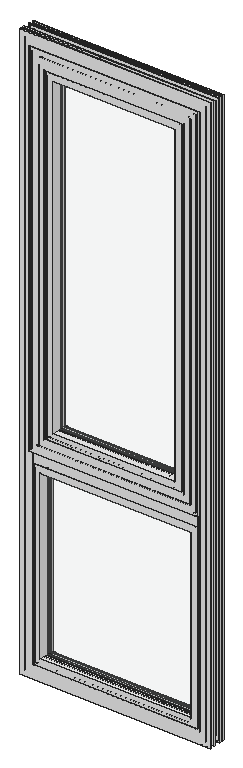
Revit family "Serene_T&T_Window_D_Standard", category Windows, host Wall, Revit 2014
Parameters (values of type "52TT-0618S-2000Pa")
  Windload Design = if(Custom Windload < 1001 mm, 1000 mm, if(Custom Windload < 1501 mm, 1500 mm, 2000 mm))  # 2000 mm
  Width Sash [instance] = 522 mm
  Width = if(Custom Window Width > Limit Window Width Max, Limit Window Width Max, if(Custom Window Width < Limit Window Width Min, Limit Window Width Min, Custom Window Width))  # 590 mm
  Wall Thickness [instance] = 200 mm
  URL = "http://www.crealco.co.za/crealco-products.php"
  Thermal Resistance (R) [instance] = if(IGDB or SAGDB Number = 1000015, 1.0000 (m²·K)/W / Clearvue U Value, if(IGDB or SAGDB Number = 9922, 1.0000 (m²·K)/W / Energy Advantage U Value, if(IGDB or SAGDB Number = 100100, 1.0000 (m²·K)/W / Intruderprufe U Value, if(IGDB or SAGDB Number = 103200, 1.0000 (m²·K)/W / Intruderprufe LowE U Value, if(IGDB or SAGDB Number = 105001, 1.0000 (m²·K)/W / Clearvue Insulated U Value, if(IGDB or SAGDB Number = 105002, 1.0000 (m²·K)/W / Clearvue Insulated LowE U Value, 1.0000 (m²·K)/W / 7.9)))))) * 1  # 0.126582 (m²·K)/W
  Solar Heat Gain Coefficient [instance] = if(IGDB or SAGDB Number = 1000015, Clearvue SHGC Value, if(IGDB or SAGDB Number = 9922, Energy Advantage SHGC Value, if(IGDB or SAGDB Number = 100100, Intruderprufe SHGC Value, if(IGDB or SAGDB Number = 103200, Intruderprufe LowE SHGC Value, if(IGDB or SAGDB Number = 105001, Clearvue Insulated SHGC Value, if(IGDB or SAGDB Number = 105002, Clearvue Insulated LowE SHGC Value, 0))))))  # 0
  Sash Width = Width - (2 * Sash Edge Gap)  # 522 mm
  Sash Frame Gasket = 3.4 mm  # constant formula
  Sash Edge Gap = 34 mm  # constant formula
  Overall Width [instance] = 590 mm
  Overall Height [instance] = 1790 mm
  Max System DG Unit Thickness = 20 mm  # constant formula
  Max System DG One Piece Thickness = rounddown((Max System DG Unit Thickness - 12 mm) / 2 mm) * 1 mm  # 4 mm
  Max Pane Area = if(Area Glazing Sash > Area Glazing Fixed Panel, Area Glazing Sash, Area Glazing Fixed Panel)  # 0.430707 m²
  Limit Fixed Panel Height Min = 200 mm  # constant formula
  Limit Fixed Panel Height Max = 1800 mm  # constant formula
  Length Transom = Width - (2 * 40 mm)  # 510 mm
  Intruderprufe U Value = 6.22
  Intruderprufe SHGC Value = 0.477
  Intruderprufe LowE U Value = 4.62
  Intruderprufe LowE SHGC Value = 0.423
  IGDB or SAGDB Number [instance] = 0
  Height Sash [instance] = 1122 mm
  Height = if(Custom Window Height > Limit Window Height Max, Limit Window Height Max, if(Custom Window Height < Limit Window Height Min, Limit Window Height Min, Custom Window Height))  # 1790 mm
  Heat Transfer Coefficient (U) [instance] = if(IGDB or SAGDB Number = 1000015, Clearvue U Value, if(IGDB or SAGDB Number = 9922, Energy Advantage U Value, if(IGDB or SAGDB Number = 100100, Intruderprufe U Value, if(IGDB or SAGDB Number = 103200, Intruderprufe LowE U Value, if(IGDB or SAGDB Number = 105001, Clearvue Insulated U Value, if(IGDB or SAGDB Number = 105002, Clearvue Insulated LowE U Value, 7.9)))))) * 1.0000 W/(m²·K)  # 7.9000 W/(m²·K)
  Glazing Material [instance] = if(IGDB or SAGDB Number = 1000015, "PFG CLEARVUE 4mm", if(IGDB or SAGDB Number = 9922, "PFG ENERGY ADVANTAGE 4mm LOW-E", if(IGDB or SAGDB Number = 100100, "PFG INTRUDERPRUFE 6.38mm", if(IGDB or SAGDB Number = 103200, "PFG INTRUDERPRUFE LOW-E 7.38mm", if(IGDB or SAGDB Number = 105001, "PFG 20mm CLEARVUE INSULATED GLASS", if(IGDB or SAGDB Number = 105002, "PFG 20mm CLEARVUE INSULATED GLASS LOW-E", "Unknown"))))))  # "Unknown"
  Glazing Code [instance] = if(IGDB or SAGDB Number = 1000015, "CF4", if(IGDB or SAGDB Number = 9922, "CF4E", if(IGDB or SAGDB Number = 100100, "LAM01", if(IGDB or SAGDB Number = 103200, "LAM01E", if(IGDB or SAGDB Number = 105001, "IGU20", if(IGDB or SAGDB Number = 105002, "IGU20E", "Unknown"))))))  # "Unknown"
  Frame Thickness = 52 mm  # constant formula
  Frame Offset From Exterior [instance] = if(Centered In Wall, (Wall Thickness - Frame Thickness) / 2, Custom Window Exterior Offset)  # 74 mm
  Fixed Panel Width = Width - (2 mm * 40)  # 510 mm
  Fixed Panel Height = Height - Sash Height - Sash Edge Gap - 33.6 mm - 40 mm  # 560.4 mm
  Energy Advantage U Value = 5.44
  Energy Advantage SHGC Value = 0.463
  DG Thickness Calc = if(not(Max Pane Area > 1.125 m²), 4 mm, if(not(Max Pane Area > 2.25 m²), 4 mm, if(not(Max Pane Area > 3.15 m²), 5 mm, if(not(Max Pane Area > 4.35 m²), 6 mm, if(not(Max Pane Area > 6.45 m²), 8 mm, 10 mm)))))  # 4 mm
  DG Thickness [instance] = if(IGDB or SAGDB Number = 105001, 4 mm, if(IGDB or SAGDB Number = 105002, 4 mm, if(DG Thickness Calc > Max System DG One Piece Thickness, Max System DG One Piece Thickness, DG Thickness Calc)))  # 4 mm
  DG Gasket Thickness = 12 mm  # constant formula
  Custom Window Width = 590 mm
  Custom Window Height = 1790 mm
  Custom Window Exterior Offset = 0 mm
  Custom Windload = 2000 mm
  Custom Sash Height = 1122 mm
  Sash Height = if(Custom Sash Height < Limit Sash Height Min, Limit Sash Height Min, if(Custom Sash Height > Limit Sash Height Max, Limit Sash Height Max, Custom Sash Height))  # 1122 mm
  Single Glazing [instance] = not(Double Glazing)  # yes
  SG Thickness [instance] = if(IGDB or SAGDB Number = 1000015, 4 mm, if(IGDB or SAGDB Number = 9922, 4 mm, if(IGDB or SAGDB Number = 100100, 6 mm, if(IGDB or SAGDB Number = 103200, 7 mm, if(not(Max Pane Area > 0.75 m²), 4 mm, if(not(Max Pane Area > 1.50 m²), 4 mm, if(not(Max Pane Area > 2.10 m²), 5 mm, if(not(Max Pane Area > 2.90 m²), 6.4 mm, if(not(Max Pane Area > 4.30 m²), 8 mm, 10 mm)))))))))  # 4 mm
  Model = "Serene"  # constant formula
  Manufacturer = "Crealco"  # constant formula
  Limit Window Width Min = Limit Sash Width Min + (2 * Sash Edge Gap)  # 368 mm
  Limit Window Width Max = Limit Sash Width Max + (2 * Sash Edge Gap)  # 768 mm
  Limit Window Height Min = Sash Edge Gap + Sash Height + 33.6 mm + Limit Fixed Panel Height Min + 40 mm  # 1429.6 mm
  Limit Window Height Max = Sash Edge Gap + Sash Height + 33.6 mm + Limit Fixed Panel Height Max + 40 mm  # 3029.6 mm
  Limit Sash Width Min = 300 mm  # constant formula
  Limit Sash Width Max = 700 mm  # constant formula
  Limit Sash Height Min = 300 mm  # constant formula
  Limit Sash Height Max = 1500 mm  # constant formula
  Glazing Finish [instance] = Glass
  Double Glazing [instance] = no
  Description = "Tilt and turn window, Type D"  # constant formula
  Default Sill Height = 800 mm
  Wall Closure = By host
  DG Gasket Finish = Double Glazing Gasket Material
  Clearvue U Value = 6.33
  Clearvue SHGC Value = 0.515
  Clearvue Insulated U Value = 4.46
  Clearvue Insulated SHGC Value = 0.458
  Clearvue Insulated LowE U Value = 4.04
  Clearvue Insulated LowE SHGC Value = 0.418
  Centered In Wall [instance] = yes
  Area Glazing Sash = (Sash Width - (2 mm * 50.2)) * (Sash Height - (2 mm * 50.2))  # 0.430707 m²
  Area Glazing Fixed Panel = (Fixed Panel Width - 10 mm) * (Fixed Panel Height - 10 mm)  # 0.2752 m²
  Aluminium Finish [instance] = White Powder Coated Aluminium
  All Available Glazing Numbers [instance] = "The rows below list the available glazing materials for this window:"  # constant formula
  9922 [instance] = "CF4E"  # constant formula
  105002 [instance] = "IGU20E"  # constant formula
  105001 [instance] = "IGU20"  # constant formula
  103200 [instance] = "LAM01E"  # constant formula
  100100 [instance] = "LAM01"  # constant formula
  1000015 [instance] = "CF4"  # constant formula
Reference planes
  plane 1 "Center (Front/Back)": y = 0
  plane 2 "Center (Left/Right)": x = 0
  plane 3 "Left": x = -295
  plane 4 "Right": x = 295
  plane 5 "Sill": z = 800
  plane 6 "Head": z = 2590
  plane 7 "Exterior": y = 100
  plane 8 "Interior": y = -100
  plane 9: y = 0
Lines and regions (mm)
  Opening 1
    outline origin (3500, -100, 0) x (1, 0, 0) y (0, 0, 1)
      loop
        line (-3205, 800) -> (-3205, 2590) -> (-3795, 2590) -> (-3795, 800) -> (-3205, 800)
Text (mm)
  text "EXTERIOR" at (-1963.203, 1332.353, 0), in view "Ref. Level"
  text "INTERIOR" at (-1981.466, -818.386, 0), in view "Ref. Level"
  text "Exterior" at (0, 923.751, 2943.296), in view "Right"
  text "Exterior" at (0, 1040.484, 2685.409), in view "Left"
Dimensions and locks
  equal spacing: plane 3 "Left", plane 2 "Center (Left/Right)", plane 4 "Right"
  "Width": plane 3 "Left" to plane 4 "Right"
  "Height": plane 5 "Sill" to plane 6 "Head"
  "Default Sill Height": plane 5 "Sill" to level
  locked: plane 7 "Exterior" to host wall at 0
  locked: plane 8 "Interior" to host wall
  "Overall Width": plane 3 "Left" to plane 4 "Right"
  "Overall Height": plane 5 "Sill" to plane 6 "Head"
  "Wall Thickness": host wall to host wall
  "Frame Offset From Exterior": host wall to nested 1
  "Sash Edge Gap": plane 3 "Left" to nested 2
  "Sash Edge Gap": plane 6 "Head" to nested 2
  "Sash Frame Gasket": nested 2 to nested 1
  "Width Sash": nested 2 to nested 2
  "Height Sash": nested 2 to nested 2
  aligned and locked: plane 9 to host wall
  aligned and locked: nested 1 to plane 6 "Head"
  aligned and locked: nested 1 to plane 4 "Right"
  aligned and locked: nested 1 to nested 3
  aligned and locked: nested 3 to nested 1
  aligned and locked: nested 1 to nested 4
  aligned and locked: nested 4 to nested 1
  aligned and locked: nested 4 to nested 3
  aligned and locked: nested 2 to nested 3
Automatic sketch dimensions
  Opening 1 sketch curve to plane 3 "Left" = 0 mm
  Opening 1 sketch curve to plane 4 "Right" = 0 mm
  Opening 1 sketch curve to plane 5 "Sill" = 0 mm
  Opening 1 sketch curve to plane 6 "Head" = 0 mm
Nested families
  nested 1: "Serene_Frame_Rounded_Ext_52mm_D_Std" at (-295, -26, 800), Profile Material <- "Aluminium Finish", Frame Width <- "Width", Frame Height <- "Height", type "Serene_Frame_Rounded_Ext_52mm_D_Std"
    with Profile Material White Powder Coated Aluminium, Frame Width 590 mm, Frame Height 1790 mm
  nested 2: "Serene_Sash_Open_In_72mm_D_Std" at (261, -32.8, 1434) x (-1, 0, 0) z (0, 0, 1), Profile Material <- "Aluminium Finish", Glazing Material <- "Glazing Finish", Double Glazing Gasket Material <- "DG Gasket Finish", Height Sash <- "Sash Height", Width Sash <- "Sash Width", Double Glazing <- "Double Glazing", Single Glazing <- "Single Glazing", SG Glazing Thickness <- "SG Thickness", DG Glazing Thickness <- "DG Thickness", DG Gasket Thickness <- "DG Gasket Thickness", type "Serene_Sash_Open_In_72mm_D_Std"
    with Width Sash 522 mm, Width Bead 422 mm, Tilt yes, Single Glazing yes, SG Offset 32.25 mm, SG Glazing Thickness 4 mm, Right Hinged yes, Profile Material White Powder Coated Aluminium, Left Hinged no, Height Sash 1122 mm, Height Bead 1022 mm, Glazing Width 421.6 mm, Glazing Material Glass, Glazing Height 1021.6 mm, Double Glazing Gasket Material Double Glazing Gasket Material, Double Glazing no, DG Offset 18.75 mm, DG Glazing Thickness 4 mm, DG Gasket Thickness 12 mm
  nested 3: "Serene_Transom_44mm_Flat_D_Std" at (-255, -40.48, 1087.299), Profile Material <- "Aluminium Finish", Length Transom <- "Length Transom", type "Serene_Transom_44mm_Flat_D_Std"
    with Profile Material White Powder Coated Aluminium, Length Transom 510 mm
  nested 4: "Serene_Fixed_Panel_D_Std" at (-255, -26, 839.999), Profile Material <- "Aluminium Finish", Glazing Material <- "Glazing Finish", Double Glazing Gasket Material <- "DG Gasket Finish", SG Thickness <- "SG Thickness", Fixed Panel Width <- "Fixed Panel Width", Fixed Panel Height <- "Fixed Panel Height", DG Thickness <- "DG Thickness", DG Gasket Thickness <- "DG Gasket Thickness", Single Glazing <- "Single Glazing", Double Glazing <- "Double Glazing", type "Serene_Fixed_Panel_D_Std"
    with Single Glazing yes, SG Thickness 4 mm, SG Space Available 13 mm, SG Offset 4.5 mm, Profile Material White Powder Coated Aluminium, Glazing Width 500 mm, Glazing Material Glass, Glazing Height 550.4 mm, Fixed Panel Width 510 mm, Fixed Panel Height 560.4 mm, Double Glazing Gasket Material Double Glazing Gasket Material, Double Glazing no, DG Thickness 4 mm, DG Space Available 24 mm, DG Offset 2 mm, DG Gasket Thickness 12 mm
  nested 5: "Serene_Single_Glazing_Tilt_&_Turn_D_Std" at (210.8, 3.45, 1484.2), type "Serene_Single_Glazing_Tilt_&_Turn_D_Std"
    with Tilt yes, Right Hinged yes, Left Hinged no, Half Width 210.8 mm, Half Height 510.8 mm, Glazing Width 421.6 mm, Glazing Thickness SG 4 mm, Glazing Material Glass, Glazing Height 1021.6 mm
  nested 6: "Serene_Single_Glazing_Fixed_D_Std" at (250, 10, 844.999), type "Serene_Single_Glazing_Fixed_D_Std"
    with Glazing Width 500 mm, Glazing Thickness SG 4 mm, Glazing Material Glass, Glazing Height 550.4 mm
Definition of nested family "Serene_Frame_Rounded_Ext_52mm_D_Std"
  Parameters (values of type "Serene_Frame_Rounded_Ext_52mm")
    Profile Material [instance] = none
    Frame Width [instance] = 600 mm
    Frame Height [instance] = 900 mm
  Reference planes
    plane 1 "Center (Front/Back)": y = 0
    plane 2: z = 0
    plane 3 "Center (Left/Right)": x = 0
  Forms (mm)
    Sweep 1, solid, material <- "Profile Material"
      path origin (0, 0, 0) x (1, 0, 0) y (0, 0, 1)
        loop
          line (0, 0) -> (600, 0) -> (600, 900) -> (0, 900) -> (0, 0)
      profile origin (300, 0, 0) x (0, 0, 1) y (0, -1, 0)
        loop
          line (32.05, -9) -> (32.05, -8) -> (33.7, -8) -> (33.7, -1.3) -> (15.1, -1.3) -> (15.1, -8) -> (16.75, -8) -> (16.75, -9) -> (15.1, -9) -> (15.1, -42.5) -> (16.75, -42.5) -> (16.75, -43.5) -> (15.1, -43.5) -> (15.1, -50.7) -> (33.7, -50.7) -> (33.7, -43.5) -> (32.05, -43.5) -> (32.05, -42.5) -> (33.7, -42.5) -> (33.7, -9) -> (32.05, -9)
        loop
          arc (52.4, -49.7) -> (52.107, -48.993) -> (51.4, -48.7) r 1
          line (51.4, -48.7) -> (50.4, -48.7)
          arc (50.4, -48.7) -> (49.9, -49.2) -> (50.4, -49.7) r 0.5
          line (50.4, -49.7) -> (51.2, -49.7) -> (51.2, -50.7) -> (35, -50.7) -> (35, -49.7) -> (36, -49.7)
          arc (36, -49.7) -> (36.5, -49.2) -> (36, -48.7) r 0.5
          line (36, -48.7) -> (35, -48.7) -> (35, -35.9) -> (40, -35.9) -> (40, -32.956) -> (38.5, -31.79) -> (38.5, -34.6) -> (35, -34.6) -> (35, -21.1) -> (38.5, -21.1) -> (38.5, -26.41) -> (40, -25.244) -> (40, -18.807) -> (38, -17.818) -> (38, -19.5) -> (35, -19.5) -> (35, -1.5) -> (38, -1.5) -> (38, -4.182) -> (40, -3.193) -> (40, 0) -> (0, 0) -> (0, -2.7) -> (1.3, -2.7) -> (1.3, -1.5) -> (13.8, -1.5) -> (13.8, -13.05) -> (0, -13.05) -> (0, -16.05) -> (1.3, -16.05) -> (1.3, -14.35) -> (13.8, -14.35) -> (13.8, -37.65) -> (1.3, -37.65) -> (1.3, -35.95) -> (0, -35.95) -> (0, -38.95) -> (13.8, -38.95) -> (13.8, -50.5) -> (1.3, -50.5) -> (1.3, -49.3) -> (0, -49.3) -> (0, -52) -> (58, -52)
          arc (58, -52) -> (60.828, -50.828) -> (62, -48) r 4
          line (62, -48) -> (62, -40.5) -> (59.5, -40.5) -> (59.5, -41.7) -> (60.7, -41.7) -> (60.7, -43.7) -> (55.5, -43.7) -> (55.5, -41.7) -> (56.7, -41.7) -> (56.7, -40.5) -> (54.2, -40.5) -> (54.2, -44)
          arc (54.2, -44) -> (54.493, -44.707) -> (55.2, -45) r 1
          line (55.2, -45) -> (60.7, -45) -> (60.7, -48)
          arc (60.7, -48) -> (59.909, -49.909) -> (58, -50.7) r 2.7
          line (58, -50.7) -> (52.4, -50.7) -> (52.4, -49.7)
  Lines and regions (mm)
    model lines, style "GenericModel"
      curve 1: line (600, 52, 900) -> (541.992, 52, 841.992)
      curve 2: line (0, 52, 900) -> (58.006, 52, 841.994)
      curve 3: line (0, 52, 0) -> (58.008, 52, 58.008)
      curve 4: line (600, 52, 0) -> (541.992, 52, 58.008)
      curve 5: line (0, 0, 900) -> (40, 0, 860)
      curve 6: line (600, 0, 900) -> (560, 0, 860)
      curve 7: line (600, 0, 0) -> (560, 0, 40)
      curve 8: line (0, 0, 0) -> (40, 0, 40)
  Dimensions and locks
    "Frame Width": Sweep 1 sketch curve to Sweep 1 sketch curve
    "Frame Height": Sweep 1 sketch curve to Sweep 1 sketch curve
    aligned and locked: level to plane 2
  Automatic sketch dimensions
    Sweep 1 sketch curve to Sweep 1 sketch curve = 0 mm  (x9)
    Sweep 1 sketch curve to profile plane = 0 mm  (x4)
    Sweep 1 sketch curve to Sweep 1 sketch curve = 1.3 mm  (x13)
    Sweep 1 sketch curve to Sweep 1 sketch curve = 12.5 mm  (x2)
    Sweep 1 sketch curve to Sweep 1 sketch curve = 1.65 mm  (x4)
    Sweep 1 sketch curve to Sweep 1 sketch curve = 15.3 mm  (x2)
    Sweep 1 sketch curve to Sweep 1 sketch curve = 1 mm  (x10)
    Sweep 1 sketch curve to Sweep 1 sketch curve = 3 mm  (x3)
    Sweep 1 sketch curve to Sweep 1 sketch curve = 0.5 mm  (x2)
    Sweep 1 sketch curve to Sweep 1 sketch curve = 3.5 mm
    Sweep 1 sketch curve to Sweep 1 sketch curve = 2 mm  (x3)
    Sweep 1 sketch curve to Sweep 1 sketch curve = 1.5 mm  (x3)
    Sweep 1 sketch curve to Sweep 1 sketch curve = 14.4 mm
    Sweep 1 sketch curve to Sweep 1 sketch curve = 0.8 mm
    Sweep 1 sketch curve to Sweep 1 sketch curve = 0.2 mm  (x3)
    Sweep 1 sketch curve to Sweep 1 sketch curve = 2.8 mm  (x3)
    Sweep 1 sketch curve to Sweep 1 sketch curve = 0.3 mm
    Sweep 1 sketch curve to Sweep 1 sketch curve = 1.2 mm  (x6)
    Sweep 1 sketch curve to plane 1 "Center (Front/Back)" = 52 mm
    Sweep 1 sketch curve to Sweep 1 sketch curve = 5.2 mm
    Sweep 1 sketch curve to Sweep 1 sketch curve = 7 mm
    Sweep 1 sketch curve to Sweep 1 sketch curve = 10.35 mm  (x2)
    Sweep 1 sketch curve to Sweep 1 sketch curve = 1.7 mm  (x2)
    Sweep 1 sketch curve to Sweep 1 sketch curve = 6.6 mm
    Sweep 1 sketch curve to Sweep 1 sketch curve = 1.644 mm
    Sweep 1 sketch curve to Sweep 1 sketch curve = 1.167 mm  (x2)
    Sweep 1 sketch curve to Sweep 1 sketch curve = 5.379 mm
    Sweep 1 sketch curve to Sweep 1 sketch curve = 4.144 mm
    Sweep 1 sketch curve to Sweep 1 sketch curve = 1.6 mm
    Sweep 1 sketch curve to Sweep 1 sketch curve = 0.693 mm
    Sweep 1 sketch curve to Sweep 1 sketch curve = 1.682 mm
    Sweep 1 sketch curve to Sweep 1 sketch curve = 19.9 mm
    Sweep 1 sketch curve to Sweep 1 sketch curve = 8.818 mm
    Sweep 1 sketch curve to Sweep 1 sketch curve = 4.05 mm
    Sweep 1 sketch curve to Sweep 1 sketch curve = 3.818 mm
    Sweep 1 sketch curve to Sweep 1 sketch curve = 0.99 mm
    Sweep 1 sketch curve to Sweep 1 sketch curve = 6.5 mm
    Sweep 1 sketch curve to Sweep 1 sketch curve = 1.693 mm
    curve 1 to Sweep 1 = 0 mm
    Sweep 1 to curve 1 = 0 mm
    curve 2 to Sweep 1 = 0 mm  (x2)
    curve 3 to Sweep 1 = 0 mm  (x2)
    curve 4 to Sweep 1 = 0 mm  (x2)
    curve 2 to Sweep 1 = 0.006 mm  (x2)
    curve 3 to Sweep 1 = 0.008 mm  (x2)
    curve 1 to Sweep 1 = 0.008 mm  (x2)
    curve 4 to Sweep 1 = 0.008 mm  (x2)
    curve 5 to Sweep 1 = 0 mm  (x4)
    curve 6 to Sweep 1 = 0 mm  (x4)
    curve 7 to Sweep 1 = 0 mm  (x3)
    Sweep 1 to curve 7 = 0 mm
    curve 8 to Sweep 1 = 0 mm  (x3)
    Sweep 1 to curve 8 = 0 mm
    Sweep 1 sketch curve to plane 3 "Center (Left/Right)" = 0 mm
    Sweep 1 sketch curve to level = 0 mm
Definition of nested family "Serene_Sash_Open_In_72mm_D_Std"
  Parameters (values of type "Serene_Sash_Open_In_72mm")
    Width Sash [instance] = 600 mm
    Width Bead [instance] = Width Sash - (Bead Edge Offset * 2)  # 500 mm
    Tilt [instance] = yes
    Single Glazing [instance] = yes
    SG Offset [instance] = Rear Glazing Channel Offset - SG Available Space + ((SG Available Space - SG Glazing Thickness) / 2)  # 32.25 mm
    SG Glazing Thickness [instance] = 4 mm
    SG Available Space = 13.5 mm  # constant formula
    Right Hinged [instance] = yes
    Rear Glazing Channel Offset = 41 mm  # constant formula
    Profile Material [instance] = none
    Left Hinged [instance] = yes
    Height Sash [instance] = 900 mm
    Height Bead [instance] = Height Sash - (Bead Edge Offset * 2)  # 800 mm
    Glazing Width [instance] = Width Sash - (Glazing Edge Offset * 2)  # 499.6 mm
    Glazing Material [instance] = Glass
    Glazing Height [instance] = Height Sash - (Glazing Edge Offset * 2)  # 799.6 mm
    Glazing Edge Offset = 50.2 mm  # constant formula
    Double Glazing Gasket Material [instance] = none
    Double Glazing [instance] = yes
    DG Offset [instance] = Rear Glazing Channel Offset - DG Available Space + ((DG Available Space - DG Gasket Thickness - (2 * DG Glazing Thickness)) / 2)  # 18.75 mm
    DG Glazing Thickness [instance] = 4 mm
    DG Gasket Thickness [instance] = 12 mm
    DG Available Space = 24.5 mm  # constant formula
    Bead Edge Offset = 50 mm  # constant formula
  Reference planes
    plane 1 "Center (Front/Back)": y = 0
    plane 2: z = 0
    plane 3 "Center (Left/Right)": x = 0
  Forms (mm)
    Sweep 1, solid, material <- "Profile Material"
      path origin (0, 0, 0) x (1, 0, 0) y (0, 0, 1)
        loop
          line (0, 0) -> (600, 0) -> (600, 900) -> (0, 900) -> (0, 0)
      profile origin (300, 0, 0) x (0, 0, 1) y (0, -1, 0)
        loop
          line (21.76, 25.1) -> (23.96, 25.1) -> (23.96, 10.1) -> (21.76, 10.1) -> (21.76, 7.4) -> (18.76, 7.4) -> (18.76, 10.524) -> (17.46, 9.224) -> (17.46, 7.1)
          arc (17.46, 7.1) -> (17.753, 6.393) -> (18.46, 6.1) r 1
          line (18.46, 6.1) -> (23.96, 6.1) -> (23.96, 3.4) -> (22.8, 3.4)
          arc (22.8, 3.4) -> (22.3, 2.9) -> (22.8, 2.4) r 0.5
          line (22.8, 2.4) -> (23.96, 2.4) -> (23.96, 1.3) -> (7.7, 1.3) -> (7.7, 2.4) -> (8.5, 2.4) -> (8.5, 3.4) -> (5.3, 3.4) -> (5.3, 2.4) -> (6.6, 2.4) -> (6.6, 1.1) -> (1.2, 1.1) -> (1.2, 2.4) -> (2.5, 2.4) -> (2.5, 3.4) -> (0, 3.4) -> (0, 0) -> (49.96, 0) -> (49.96, 3.18) -> (48.16, 4.22) -> (48.16, 1.5) -> (45.16, 1.5) -> (45.16, 20.1) -> (48.16, 20.1) -> (48.16, 17.88) -> (49.96, 18.92) -> (49.96, 21.6) -> (45.16, 21.6) -> (45.16, 40) -> (37.96, 47) -> (37.96, 50.7) -> (43.96, 50.7) -> (43.96, 49.3)
          arc (43.96, 49.3) -> (44.253, 48.593) -> (44.96, 48.3) r 1
          line (44.96, 48.3) -> (46.21, 48.3)
          arc (46.21, 48.3) -> (46.71, 48.8) -> (46.21, 49.3) r 0.5
          line (46.21, 49.3) -> (44.96, 49.3) -> (44.96, 50.7) -> (61.46, 50.7) -> (61.46, 49.3) -> (60.21, 49.3)
          arc (60.21, 49.3) -> (59.71, 48.8) -> (60.21, 48.3) r 0.5
          line (60.21, 48.3) -> (61.46, 48.3)
          arc (61.46, 48.3) -> (62.167, 48.593) -> (62.46, 49.3) r 1
          line (62.46, 49.3) -> (62.46, 50.7) -> (66.96, 50.7)
          arc (66.96, 50.7) -> (69.576, 49.616) -> (70.66, 47) r 3.7
          line (70.66, 47) -> (70.66, 45.5) -> (64.16, 45.5) -> (64.16, 41) -> (66.66, 41) -> (66.66, 42.2) -> (65.46, 42.2) -> (65.46, 44.2) -> (70.66, 44.2) -> (70.66, 42.2) -> (69.46, 42.2) -> (69.46, 41) -> (71.96, 41) -> (71.96, 47)
          arc (71.96, 47) -> (70.496, 50.536) -> (66.96, 52) r 5
          line (66.96, 52) -> (33.006, 52) -> (33.006, 50.7) -> (34.46, 50.7) -> (36.66, 50.7) -> (36.66, 47.3) -> (26.46, 47.3) -> (23.536, 47.3) -> (24.836, 46) -> (26.96, 46) -> (26.96, 35.2) -> (23.935, 35.2) -> (18.293, 34.246)
          arc (18.293, 34.246) -> (17.696, 33.906) -> (17.46, 33.26) r 1
          line (17.46, 33.26) -> (17.46, 25.976) -> (18.76, 24.676) -> (18.76, 27.3) -> (21.76, 27.3) -> (21.76, 25.1)
        loop
          line (43.86, 33.9) -> (42.16, 33.9) -> (42.16, 35.2) -> (43.86, 35.2) -> (43.86, 39.451) -> (37.124, 46) -> (28.26, 46) -> (28.26, 34.9)
          arc (28.26, 34.9) -> (27.967, 34.193) -> (27.26, 33.9) r 1
          line (27.26, 33.9) -> (24.094, 33.9) -> (18.76, 33.007) -> (18.76, 28.6) -> (22.06, 28.6)
          arc (22.06, 28.6) -> (22.767, 28.307) -> (23.06, 27.6) r 1
          line (23.06, 27.6) -> (23.06, 26.4) -> (24.26, 26.4)
          arc (24.26, 26.4) -> (24.967, 26.107) -> (25.26, 25.4) r 1
          line (25.26, 25.4) -> (25.26, 24.337) -> (25.26, 9.8)
          arc (25.26, 9.8) -> (24.967, 9.093) -> (24.26, 8.8) r 1
          line (24.26, 8.8) -> (23.06, 8.8) -> (23.06, 7.4) -> (24.26, 7.4)
          arc (24.26, 7.4) -> (24.967, 7.107) -> (25.26, 6.4) r 1
          line (25.26, 6.4) -> (25.26, 1.3) -> (43.86, 1.3) -> (43.86, 33.9)
  Lines and regions (mm)
    model lines, style "GenericModel"
      curve 1: line (600, 0, 900) -> (550.04, 0, 850.04)
      curve 2: line (0, 0, 900) -> (49.96, 0, 850.04)
      curve 3: line (0, 0, 0) -> (49.96, 0, 49.96)
      curve 4: line (600, 0, 0) -> (550.04, 0, 49.96)
      curve 5: line (33.953, -50.7, 866.047) -> (66.968, -50.7, 833.032)
      curve 6: line (566.047, -50.7, 866.047) -> (533, -50.7, 833)
      curve 7: line (566.047, -50.7, 33.953) -> (533.032, -50.7, 66.968)
      curve 8: line (33.953, -50.7, 33.953) -> (66.968, -50.7, 66.968)
      curve 9: line (33.006, -52, 866.994) -> (66.968, -52, 833.032)
      curve 10: line (566.994, -52, 866.994) -> (533, -52, 833)
      curve 11: line (33.006, -52, 33.006) -> (66.968, -52, 66.968)
      curve 12: line (566.994, -52, 33.006) -> (533.032, -52, 66.968)
      curve 13: line (23.536, -47.3, 876.464) -> (33.006, -47.3, 866.994)
      curve 14: line (576.464, -47.3, 876.464) -> (566.994, -47.3, 866.994)
      curve 15: line (576.464, -47.3, 23.536) -> (566.994, -47.3, 33.006)
      curve 16: line (23.536, -47.3, 23.536) -> (33.006, -47.3, 33.006)
  Dimensions and locks
    "Width Sash": Sweep 1 sketch curve to Sweep 1 sketch curve
    "Height Sash": Sweep 1 sketch curve to Sweep 1 sketch curve
    "Bead Edge Offset": nested 1 to plane 2
    "Bead Edge Offset": nested 2 to plane 2
    "Bead Edge Offset": plane 3 "Center (Left/Right)" to nested 1
    "Bead Edge Offset": plane 3 "Center (Left/Right)" to nested 2
    "Glazing Edge Offset": plane 3 "Center (Left/Right)" to nested 3
    "Glazing Edge Offset": nested 3 to plane 2
    "SG Offset": nested 3 to plane 1 "Center (Front/Back)"
    "DG Offset": nested 4 to plane 1 "Center (Front/Back)"
    "Glazing Edge Offset": plane 3 "Center (Left/Right)" to nested 4
    "Glazing Edge Offset": nested 4 to level
    aligned and locked: level to plane 2
    aligned and locked: nested 1 to plane 1 "Center (Front/Back)"
    aligned and locked: nested 2 to plane 1 "Center (Front/Back)"
  Automatic sketch dimensions
    curve 1 to Sweep 1 = 0 mm  (x3)
    Sweep 1 to curve 1 = 0 mm
    curve 2 to Sweep 1 = 0 mm  (x3)
    Sweep 1 to curve 2 = 0 mm
    curve 3 to Sweep 1 = 0 mm  (x4)
    curve 4 to Sweep 1 = 0 mm  (x4)
    curve 8 to Sweep 1 = 30.308 mm  (x2)
    curve 5 to Sweep 1 = 30.308 mm  (x2)
    curve 6 to Sweep 1 = 30.34 mm  (x2)
    curve 7 to Sweep 1 = 30.308 mm  (x2)
    Sweep 1 sketch curve to Sweep 1 sketch curve = 0 mm  (x12)
    Sweep 1 sketch curve to plane 1 "Center (Front/Back)" = 0 mm
    profile plane to Sweep 1 sketch curve = 0 mm
    Sweep 1 sketch curve to profile plane = 1.2 mm
    Sweep 1 sketch curve to Sweep 1 sketch curve = 1.3 mm  (x21)
    Sweep 1 sketch curve to Sweep 1 sketch curve = 2.8 mm  (x2)
    Sweep 1 sketch curve to Sweep 1 sketch curve = 1.1 mm  (x2)
    Sweep 1 sketch curve to Sweep 1 sketch curve = 0.8 mm
    Sweep 1 sketch curve to profile plane = 17.46 mm
    Sweep 1 sketch curve to Sweep 1 sketch curve = 8.96 mm
    Sweep 1 sketch curve to Sweep 1 sketch curve = 0.833 mm
    Sweep 1 sketch curve to Sweep 1 sketch curve = 0.167 mm
    Sweep 1 sketch curve to Sweep 1 sketch curve = 1 mm  (x10)
    Sweep 1 sketch curve to Sweep 1 sketch curve = 3 mm  (x4)
    Sweep 1 sketch curve to Sweep 1 sketch curve = 0.3 mm  (x6)
    plane 1 "Center (Front/Back)" to Sweep 1 sketch curve = 3.4 mm
    Sweep 1 sketch curve to Sweep 1 sketch curve = 1.04 mm
    Sweep 1 sketch curve to Sweep 1 sketch curve = 5.242 mm
    Sweep 1 sketch curve to Sweep 1 sketch curve = 5.175 mm
    Sweep 1 sketch curve to Sweep 1 sketch curve = 0.9 mm
    Sweep 1 sketch curve to Sweep 1 sketch curve = 1.16 mm
    Sweep 1 sketch curve to Sweep 1 sketch curve = 0.158 mm
    Sweep 1 sketch curve to Sweep 1 sketch curve = 1.2 mm  (x6)
    Sweep 1 sketch curve to Sweep 1 sketch curve = 1.624 mm
    Sweep 1 sketch curve to Sweep 1 sketch curve = 0.5 mm  (x3)
    Sweep 1 sketch curve to Sweep 1 sketch curve = 4.746 mm
    Sweep 1 sketch curve to Sweep 1 sketch curve = 1.454 mm
    Sweep 1 sketch curve to Sweep 1 sketch curve = 2.2 mm
    Sweep 1 sketch curve to Sweep 1 sketch curve = 0.464 mm
    Sweep 1 sketch curve to Sweep 1 sketch curve = 0.836 mm
    Sweep 1 sketch curve to Sweep 1 sketch curve = 5.036 mm
    plane 1 "Center (Front/Back)" to Sweep 1 sketch curve = 1.3 mm
    Sweep 1 sketch curve to Sweep 1 sketch curve = 18.6 mm
    Sweep 1 sketch curve to Sweep 1 sketch curve = 1.7 mm
    Sweep 1 sketch curve to Sweep 1 sketch curve = 6 mm
    Sweep 1 sketch curve to Sweep 1 sketch curve = 1.25 mm  (x2)
    plane 1 "Center (Front/Back)" to Sweep 1 sketch curve = 17.88 mm
    plane 1 "Center (Front/Back)" to Sweep 1 sketch curve = 18.92 mm
    Sweep 1 sketch curve to Sweep 1 sketch curve = 1.8 mm  (x2)
    Sweep 1 sketch curve to Sweep 1 sketch curve = 14 mm
    Sweep 1 sketch curve to Sweep 1 sketch curve = 2.7 mm  (x2)
    Sweep 1 sketch curve to Sweep 1 sketch curve = 1.5 mm  (x3)
    plane 1 "Center (Front/Back)" to Sweep 1 sketch curve = 1.1 mm
    plane 1 "Center (Front/Back)" to Sweep 1 sketch curve = 1.5 mm
    Sweep 1 sketch curve to Sweep 1 sketch curve = 1.68 mm
    Sweep 1 sketch curve to Sweep 1 sketch curve = 1.039 mm
    Sweep 1 sketch curve to Sweep 1 sketch curve = 1.4 mm  (x2)
    Sweep 1 sketch curve to Sweep 1 sketch curve = 2.124 mm
    Sweep 1 sketch curve to Sweep 1 sketch curve = 2.22 mm
    Sweep 1 sketch curve to Sweep 1 sketch curve = 14.237 mm
    Sweep 1 sketch curve to Sweep 1 sketch curve = 0.339 mm
    Sweep 1 sketch curve to Sweep 1 sketch curve = 0.763 mm
    Sweep 1 sketch curve to Sweep 1 sketch curve = 1.063 mm
    Sweep 1 sketch curve to Sweep 1 sketch curve = 1.324 mm
    Sweep 1 sketch curve to Sweep 1 sketch curve = 4.407 mm
    Sweep 1 sketch curve to Sweep 1 sketch curve = 0.254 mm
    Sweep 1 sketch curve to Sweep 1 sketch curve = 5.3 mm
    Sweep 1 sketch curve to Sweep 1 sketch curve = 12.3 mm
    Sweep 1 sketch curve to Sweep 1 sketch curve = 4.251 mm
    Sweep 1 sketch curve to Sweep 1 sketch curve = 0.549 mm
    Sweep 1 sketch curve to Sweep 1 sketch curve = 2 mm
    Sweep 1 sketch curve to Sweep 1 sketch curve = 10.8 mm
    Sweep 1 sketch curve to Sweep 1 sketch curve = 2.4 mm
    Sweep 1 sketch curve to Sweep 1 sketch curve = 3.4 mm
    curve 5 to Sweep 1 = 0.947 mm  (x2)
    curve 8 to Sweep 1 = 0.947 mm  (x2)
    curve 7 to Sweep 1 = 0.947 mm  (x2)
    curve 6 to Sweep 1 = 0.947 mm  (x2)
    curve 9 to Sweep 1 = 0 mm  (x2)
    curve 10 to Sweep 1 = 0 mm  (x2)
    Sweep 1 to curve 11 = 0 mm
    curve 11 to Sweep 1 = 0 mm
    curve 12 to Sweep 1 = 0 mm  (x2)
    curve 11 to Sweep 1 = 0.008 mm
    curve 9 to Sweep 1 = 0.008 mm  (x2)
    curve 10 to Sweep 1 = 0.04 mm  (x2)
    curve 12 to Sweep 1 = 0.008 mm
    Sweep 1 to curve 12 = 0.008 mm
    Sweep 1 to curve 11 = 0.008 mm
    curve 13 to Sweep 1 = 0 mm  (x2)
    curve 14 to Sweep 1 = 0 mm  (x2)
    curve 15 to Sweep 1 = 0 mm
    Sweep 1 to curve 15 = 0 mm
    curve 16 to Sweep 1 = 0 mm  (x2)
    Sweep 1 to curve 16 = 3.654 mm
    Sweep 1 to curve 13 = 3.654 mm  (x2)
    Sweep 1 to curve 15 = 3.654 mm
    Sweep 1 to curve 14 = 3.654 mm  (x2)
    curve 15 to Sweep 1 = 3.654 mm
    curve 16 to Sweep 1 = 3.654 mm
    Sweep 1 sketch curve to plane 3 "Center (Left/Right)" = 0 mm
    Sweep 1 sketch curve to level = 0 mm
  Nested families
    nested 1: "Serene_Bead_Square_12mm" at (550, 0, 50) x (-1, 0, 0) z (0, 0, 1), visible <- "Single Glazing", Profile Material <- "Profile Material", Width Bead <- "Width Bead", Height Bead <- "Height Bead", type "Serene_Bead_Square_12mm"
      with Width Bead 500 mm, Profile Material none, Height Bead 800 mm
    nested 2: "Serene_Bead_D_Glazing_Square" at (550, 0, 50) x (-1, 0, 0) z (0, 0, 1), Profile Material <- "Profile Material", visible <- "Double Glazing", Width Bead <- "Width Bead", Height Bead <- "Height Bead", type "Serene_Bead_D_Glazing_Square"
      with Width Bead 500 mm, Profile Material none, Height Bead 800 mm
    nested 3: "Serene_Single_Glazing_Tilt_&_Turn_D_Std" at (50.2, -36.25, 50.2) x (-1, 0, 0) z (0, 0, 1), Glazing Width <- "Glazing Width", Glazing Height <- "Glazing Height", visible <- "Single Glazing", Glazing Material <- "Glazing Material", Glazing Thickness SG <- "SG Glazing Thickness", Tilt <- "Tilt", Right Hinged <- "Right Hinged", Left Hinged <- "Left Hinged", type "Serene_Single_Glazing_Tilt_&_Turn_D_Std"
      with Tilt yes, Right Hinged yes, Left Hinged yes, Half Width 249.8 mm, Half Height 399.8 mm, Glazing Width 499.6 mm, Glazing Thickness SG 4 mm, Glazing Material Glass, Glazing Height 799.6 mm
    nested 4: "Serene_Double_Glazing_Tilt_&_Turn_D_Std" at (50.2, -38.75, 50.2) x (-1, 0, 0) z (0, 0, 1), Glazing Width <- "Glazing Width", Glazing Height <- "Glazing Height", Glazing Thickness DG <- "DG Glazing Thickness", Double Glazing Gasket Thickness <- "DG Gasket Thickness", Double Glazing Gasket Material <- "Double Glazing Gasket Material", Glazing Material <- "Glazing Material", visible <- "Double Glazing", Tilt <- "Tilt", Left Hinged <- "Left Hinged", Right Hinged <- "Right Hinged", type "Serene_Double_Glazing_Tilt_&_Turn_D_Std"
      with Tilt yes, Right Hinged yes, Left Hinged yes, Half Width 249.8 mm, Half Height 399.8 mm, Glazing Width 499.6 mm, Glazing Thickness DG 4 mm, Glazing Material Glass, Glazing Height 799.6 mm, Double Glazing Gasket Thickness 12 mm, Double Glazing Gasket Material none
  Definition of nested family "Serene_Bead_Square_12mm"
    Parameters (values of type "Serene_Bead_Square_12mm")
      Profile Material [instance] = none
      Width Bead [instance] = 600 mm
      Height Bead [instance] = 900 mm
    Reference planes
      plane 1 "Center (Front/Back)": y = 0
      plane 2: z = 0
      plane 3 "Center (Left/Right)": x = 0
    Forms (mm)
      Sweep 1, solid, material <- "Profile Material"
        path origin (0, 0, 0) x (1, 0, 0) y (0, 0, 1)
          loop
            line (0, 0) -> (600, 0) -> (600, 900) -> (0, 900) -> (0, 0)
        profile origin (300, 0, 0) x (0, 0, 1) y (0, -1, 0)
          loop
            line (20.8, -26.3) -> (19.6, -26.3) -> (19.6, -27.5) -> (22, -27.5) -> (22, 0) -> (0, 0) -> (0, -1.2) -> (1.2, -1.2) -> (1.2, -4.2) -> (-1.876, -4.2) -> (-1.876, -3.293) -> (-3.909, -4.467)
            arc (-3.909, -4.467) -> (-4.142, -5.029) -> (-3.659, -5.4) r 0.5
            line (-3.659, -5.4) -> (1.4, -5.4)
            arc (1.4, -5.4) -> (2.107, -5.107) -> (2.4, -4.4) r 1
            line (2.4, -4.4) -> (2.4, -1.2) -> (20.8, -1.2) -> (20.8, -16.2) -> (-3.659, -16.2)
            arc (-3.659, -16.2) -> (-4.142, -16.571) -> (-3.909, -17.133) r 0.5
            line (-3.909, -17.133) -> (-1.876, -18.307) -> (-1.876, -17.4) -> (20.8, -17.4) -> (20.8, -23.4) -> (14.6, -23.4) -> (14.6, -27.5) -> (17, -27.5) -> (17, -26.3) -> (15.8, -26.3) -> (15.8, -24.6) -> (20.8, -24.6) -> (20.8, -26.3)
    Lines and regions (mm)
      model lines, style "GenericModel"
        curve 1: line (22, 0, 878) -> (0, 0, 900)
        curve 2: line (578, 0, 878) -> (600, 0, 900)
        curve 3: line (578, 0, 22) -> (600, 0, 0)
        curve 4: line (22, 0, 22) -> (0, 0, 0)
    Dimensions and locks
      "Width Bead": Sweep 1 sketch curve to Sweep 1 sketch curve
      "Height Bead": Sweep 1 sketch curve to Sweep 1 sketch curve
      aligned and locked: level to plane 2
    Automatic sketch dimensions
      profile plane to Sweep 1 sketch curve = 3.909 mm
      Sweep 1 sketch curve to Sweep 1 sketch curve = 0 mm  (x4)
      Sweep 1 sketch curve to Sweep 1 sketch curve = 0.25 mm  (x2)
      Sweep 1 sketch curve to Sweep 1 sketch curve = 1.783 mm  (x2)
      Sweep 1 sketch curve to Sweep 1 sketch curve = 1.876 mm
      Sweep 1 sketch curve to Sweep 1 sketch curve = 3.076 mm
      Sweep 1 sketch curve to Sweep 1 sketch curve = 0.2 mm  (x2)
      Sweep 1 sketch curve to Sweep 1 sketch curve = 1.2 mm  (x9)
      Sweep 1 sketch curve to Sweep 1 sketch curve = 16.476 mm
      Sweep 1 sketch curve to Sweep 1 sketch curve = 2.6 mm
      Sweep 1 sketch curve to plane 1 "Center (Front/Back)" = 27.5 mm
      Sweep 1 sketch curve to Sweep 1 sketch curve = 1.7 mm
      Sweep 1 sketch curve to Sweep 1 sketch curve = 5.093 mm
      Sweep 1 sketch curve to Sweep 1 sketch curve = 6 mm
      Sweep 1 sketch curve to Sweep 1 sketch curve = 0.267 mm
      Sweep 1 sketch curve to Sweep 1 sketch curve = 0.433 mm
      Sweep 1 sketch curve to Sweep 1 sketch curve = 10.8 mm
      Sweep 1 sketch curve to Sweep 1 sketch curve = 0.5 mm
      Sweep 1 sketch curve to Sweep 1 sketch curve = 0.907 mm
      Sweep 1 sketch curve to Sweep 1 sketch curve = 2.093 mm
      Sweep 1 sketch curve to Sweep 1 sketch curve = 15 mm
      curve 1 to Sweep 1 = 0 mm  (x4)
      curve 4 to Sweep 1 = 0 mm  (x3)
      Sweep 1 to curve 4 = 0 mm
      curve 3 to Sweep 1 = 0 mm  (x3)
      curve 2 to Sweep 1 = 0 mm  (x4)
      Sweep 1 to curve 3 = 0 mm
      Sweep 1 sketch curve to plane 3 "Center (Left/Right)" = 0 mm
      Sweep 1 sketch curve to level = 0 mm
  Definition of nested family "Serene_Bead_D_Glazing_Square"
    Parameters (values of type "Serene_Bead_D_Glazing_Square")
      Width Bead [instance] = 900 mm
      Profile Material [instance] = none
      Height Bead [instance] = 1320 mm
    Reference planes
      plane 1 "Center (Front/Back)": y = 0
      plane 2: z = 0
      plane 3 "Center (Left/Right)": x = 0
    Forms (mm)
      Sweep 1, solid, material <- "Profile Material"
        path origin (0, 0, 0) x (1, 0, 0) y (0, 0, 1)
          loop
            line (0, 0) -> (900, 0) -> (900, 1320) -> (0, 1320) -> (0, 0)
        profile origin (450, 0, 0) x (0, 0, 1) y (0, -1, 0)
          loop
            line (22, -16.5) -> (22, 0) -> (0, 0) -> (0, -1.2) -> (1.2, -1.2) -> (1.2, -4.2) -> (-1.876, -4.2) -> (-1.876, -3.293) -> (-3.909, -4.467)
            arc (-3.909, -4.467) -> (-4.142, -5.029) -> (-3.659, -5.4) r 0.5
            line (-3.659, -5.4) -> (1.4, -5.4)
            arc (1.4, -5.4) -> (2.107, -5.107) -> (2.4, -4.4) r 1
            line (2.4, -4.4) -> (2.4, -1.2) -> (20.8, -1.2) -> (20.8, -12.4) -> (14.6, -12.4) -> (0, -16.7) -> (-3.659, -16.7)
            arc (-3.659, -16.7) -> (-4.142, -17.071) -> (-3.909, -17.633) r 0.5
            line (-3.909, -17.633) -> (-1.876, -18.807) -> (-1.876, -17.9) -> (0.173, -17.9) -> (14.6, -13.651) -> (14.6, -16.5) -> (17, -16.5) -> (17, -15.3) -> (15.8, -15.3) -> (15.8, -13.6) -> (20.8, -13.6) -> (20.8, -15.3) -> (19.6, -15.3) -> (19.6, -16.5) -> (22, -16.5)
    Lines and regions (mm)
      model lines, style "GenericModel"
        curve 1: line (22, 0, 1298) -> (0, 0, 1298)
        curve 2: line (878, 0, 1298) -> (900, 0, 1298)
        curve 3: line (878, 0, 22) -> (900, 0, 22)
        curve 4: line (22, 0, 22) -> (0, 0, 22)
    Dimensions and locks
      "Width Bead": Sweep 1 sketch curve to Sweep 1 sketch curve
      "Height Bead": Sweep 1 sketch curve to Sweep 1 sketch curve
      aligned and locked: level to plane 2
    Automatic sketch dimensions
      profile plane to Sweep 1 sketch curve = 3.909 mm  (x2)
      Sweep 1 sketch curve to Sweep 1 sketch curve = 0.25 mm  (x2)
      Sweep 1 sketch curve to Sweep 1 sketch curve = 2.033 mm
      Sweep 1 sketch curve to Sweep 1 sketch curve = 1.783 mm
      Sweep 1 sketch curve to Sweep 1 sketch curve = 1.876 mm  (x2)
      Sweep 1 sketch curve to Sweep 1 sketch curve = 0.173 mm
      Sweep 1 sketch curve to Sweep 1 sketch curve = 1.2 mm  (x9)
      Sweep 1 sketch curve to Sweep 1 sketch curve = 0.2 mm
      Sweep 1 sketch curve to Sweep 1 sketch curve = 12.2 mm
      Sweep 1 sketch curve to Sweep 1 sketch curve = 0 mm  (x4)
      Sweep 1 sketch curve to Sweep 1 sketch curve = 2.6 mm
      Sweep 1 sketch curve to plane 1 "Center (Front/Back)" = 18.807 mm
      Sweep 1 sketch curve to Sweep 1 sketch curve = 0.907 mm  (x2)
      Sweep 1 sketch curve to Sweep 1 sketch curve = 0.267 mm
      Sweep 1 sketch curve to Sweep 1 sketch curve = 0.433 mm
      Sweep 1 sketch curve to plane 1 "Center (Front/Back)" = 16.5 mm
      Sweep 1 sketch curve to Sweep 1 sketch curve = 1.649 mm
      Sweep 1 sketch curve to Sweep 1 sketch curve = 1.7 mm
      Sweep 1 sketch curve to Sweep 1 sketch curve = 1.251 mm
      Sweep 1 sketch curve to Sweep 1 sketch curve = 11.3 mm
      Sweep 1 sketch curve to Sweep 1 sketch curve = 0.5 mm
      Sweep 1 sketch curve to Sweep 1 sketch curve = 0.7 mm
      Sweep 1 sketch curve to Sweep 1 sketch curve = 3 mm
      curve 1 to Sweep 1 = 0 mm  (x3)
      curve 4 to Sweep 1 = 0 mm  (x2)
      Sweep 1 to curve 4 = 0 mm
      curve 3 to Sweep 1 = 0 mm  (x2)
      curve 2 to Sweep 1 = 0 mm  (x2)
      Sweep 1 to curve 3 = 0 mm
      Sweep 1 to curve 2 = 0 mm
      Sweep 1 sketch curve to plane 3 "Center (Left/Right)" = 0 mm
      Sweep 1 sketch curve to level = 0 mm
  Definition of nested family "Serene_Single_Glazing_Tilt_&_Turn_D_Std"
    Parameters (values of type "Single_Glazing_Tilt_&_Turn")
      Tilt [instance] = yes
      Right Hinged [instance] = yes
      Left Hinged [instance] = yes
      Half Width [instance] = Glazing Width / 2  # 450 mm
      Half Height [instance] = Glazing Height / 2  # 750 mm
      Glazing Width [instance] = 900 mm
      Glazing Height [instance] = 1500 mm
      Glazing Thickness SG [instance] = 4 mm
      Glazing Material [instance] = Glass
      Glazing Bead Gap = 21.8 mm  # constant formula
    Reference planes
      plane 1 "Center (Front/Back)": y = 0
      plane 2: z = 0
      plane 3 "Center (Left/Right)": x = 0
    Forms (mm)
      Extrusion 1, solid, material "Glass" <- "Glazing Material"
        sketch origin (0, 0, 0) x (1, 0, 0) y (0, 0, 1)
          loop
            line (0, 0) -> (0, 1500) -> (-900, 1500) -> (-900, 0) -> (0, 0)
        from 0 to 4 <- "Glazing Thickness SG"
    Lines and regions (mm)
      model lines, style "GenericModelHiddenLines", visible <- "Left Hinged"
        curve 1: line (-878.2, 0, 1478.2) -> (-21.8, 0, 750)
        curve 2: line (-21.8, 0, 750) -> (-878.2, 0, 21.8)
      model lines, style "GenericModelHiddenLines", visible <- "Right Hinged"
        curve 3: line (-21.8, 0, 1478.2) -> (-878.2, 0, 750)
        curve 4: line (-878.2, 0, 750) -> (-21.8, 0, 21.8)
      model lines, style "GenericModelHiddenLines", visible <- "Tilt"
        curve 5: line (-878.2, 0, 21.8) -> (-450, 0, 1478.2)
        curve 6: line (-450, 0, 1478.2) -> (-21.8, 0, 21.8)
    Dimensions and locks
      "Glazing Width": plane 3 "Center (Left/Right)" to Extrusion 1 sketch curve
      "Glazing Height": Extrusion 1 sketch curve to level
      "Glazing Bead Gap": curve 2 to Extrusion 1
      "Glazing Bead Gap": Extrusion 1 to curve 2  (x2)
      "Glazing Bead Gap": Extrusion 1 to curve 4  (x2)
      "Glazing Bead Gap": curve 4 to Extrusion 1
      "Glazing Bead Gap": Extrusion 1 to curve 3  (x2)
      "Glazing Bead Gap": Extrusion 1 to curve 1  (x2)
      "Half Height": curve 4 to Extrusion 1
      "Half Height": curve 2 to Extrusion 1
      "Glazing Bead Gap": Extrusion 1 to curve 6
      "Half Width": plane 3 "Center (Left/Right)" to curve 6
      aligned and locked: level to plane 2
      aligned and locked: Extrusion 1 sketch curve to plane 3 "Center (Left/Right)"
      aligned and locked: level to Extrusion 1 sketch curve
  Definition of nested family "Serene_Double_Glazing_Tilt_&_Turn_D_Std"
    Parameters (values of type "Double_Glazing_Tilt_&_Turn")
      Tilt [instance] = yes
      Left Hinged [instance] = yes
      Right Hinged [instance] = yes
      Half Width [instance] = Glazing Width / 2  # 300 mm
      Half Height [instance] = Glazing Height / 2  # 300 mm
      Glazing Width [instance] = 600 mm
      Glazing Height [instance] = 600 mm
      Glazing Thickness DG [instance] = 4 mm
      Glazing Material [instance] = Glass
      Glazing Bead Gap = 21.8 mm  # constant formula
      Double Glazing Gasket Thickness [instance] = 12 mm
      Double Glazing Gasket Material [instance] = none
    Reference planes
      plane 1 "Center (Front/Back)": y = 0
      plane 2: z = 0
      plane 3 "Center (Left/Right)": x = 0
    Forms (mm)
      Extrusion 1, solid, material "Glass" <- "Glazing Material"
        sketch origin (0, 0, 0) x (1, 0, 0) y (0, 0, 1)
          loop
            line (0, 0) -> (0, 600) -> (-600, 600) -> (-600, 0) -> (0, 0)
        from 0 to 4 <- "Glazing Thickness DG"
      Extrusion 2, solid, material <- "Double Glazing Gasket Material"
        sketch origin (0, -4, 0) x (1, 0, 0) y (0, 0, 1)
          loop
            line (-600, 600) -> (-600, 0) -> (0, 0) -> (0, 600) -> (-600, 600)
          loop
            line (-592, 8) -> (-8, 8) -> (-8, 592) -> (-592, 592) -> (-592, 8)
        from 0 to 12 <- "Double Glazing Gasket Thickness"
      Extrusion 3, solid, material "Glass" <- "Glazing Material"
        sketch origin (0, -16, 0) x (1, 0, 0) y (0, 0, 1)
          loop
            line (-600, 600) -> (-600, 0) -> (0, 0) -> (0, 600) -> (-600, 600)
        from 0 to 4 <- "Glazing Thickness DG"
    Lines and regions (mm)
      model lines, style "GenericModelHiddenLines", visible <- "Left Hinged"
        curve 1: line (-578.2, 0, 21.8) -> (-21.8, 0, 300)
        curve 2: line (-21.8, 0, 300) -> (-578.2, 0, 578.2)
      model lines, style "GenericModelHiddenLines", visible <- "Right Hinged"
        curve 3: line (-21.8, 0, 578.2) -> (-578.2, 0, 300)
        curve 4: line (-578.2, 0, 300) -> (-21.8, 0, 21.8)
      model lines, style "GenericModelHiddenLines", visible <- "Tilt"
        curve 5: line (-578.2, 0, 21.8) -> (-300, 0, 578.2)
        curve 6: line (-300, 0, 578.2) -> (-21.8, 0, 21.8)
    Dimensions and locks
      "Glazing Width": plane 3 "Center (Left/Right)" to Extrusion 1 sketch curve
      "Glazing Height": Extrusion 1 sketch curve to level
      "Glazing Bead Gap": curve 1 to Extrusion 3
      "Glazing Bead Gap": Extrusion 3 to curve 1
      "Glazing Bead Gap": Extrusion 3 to curve 2  (x3)
      "Half Height": curve 2 to Extrusion 3
      "Glazing Bead Gap": Extrusion 3 to curve 4  (x2)
      "Half Height": curve 4 to Extrusion 3
      "Glazing Bead Gap": curve 4 to Extrusion 3
      "Glazing Bead Gap": Extrusion 3 to curve 3  (x2)
      "Glazing Bead Gap": Extrusion 3 to curve 6
      "Half Width": plane 3 "Center (Left/Right)" to curve 6
      aligned and locked: level to plane 2
      aligned and locked: Extrusion 1 sketch curve to plane 3 "Center (Left/Right)"
      aligned and locked: level to Extrusion 1 sketch curve
      aligned and locked: Extrusion 2 sketch curve to Extrusion 1  (x4)
      aligned and locked: Extrusion 3 sketch curve to Extrusion 2  (x4)
    Automatic sketch dimensions
      Extrusion 2 sketch curve to Extrusion 1 = 8 mm  (x4)
Definition of nested family "Serene_Transom_44mm_Flat_D_Std"
  Parameters (values of type "Serene_Transom_44mm_Flat")
    Profile Material [instance] = none
    Length Transom [instance] = 250 mm
    Length Cut = 22 mm  # constant formula
  Reference planes
    plane 1 "Center (Front/Back)": y = 0
    plane 2: z = 0
    plane 3 "Center (Left/Right)": x = 0
  Forms (mm)
    Extrusion 1, solid, material <- "Profile Material"
      sketch origin (0, 0, 0) x (0, 1, 0) y (0, 0, 1)
        loop
          line (15.982, 319.501) -> (57.682, 319.501) -> (57.682, 346.701) -> (15.982, 346.701) -> (15.982, 319.501)
        loop
          line (59.182, 375.101) -> (54.979, 375.101) -> (54.979, 372.601) -> (56.179, 372.601) -> (56.179, 373.801) -> (57.683, 373.801) -> (57.683, 368.601) -> (56.179, 368.601) -> (56.179, 369.801) -> (54.979, 369.801) -> (54.979, 367.301) -> (57.682, 367.301) -> (57.682, 348.101) -> (50.38, 348.101) -> (50.38, 353.101) -> (47.436, 353.101) -> (46.269, 351.601) -> (49.08, 351.601) -> (49.08, 348.101) -> (35.58, 348.101) -> (35.58, 351.601) -> (40.89, 351.601) -> (39.724, 353.101) -> (33.287, 353.101) -> (32.297, 351.101) -> (33.98, 351.101) -> (33.98, 348.101) -> (15.98, 348.101) -> (15.98, 351.101) -> (18.662, 351.101) -> (17.673, 353.101) -> (14.48, 353.101) -> (14.48, 313.1) -> (17.673, 313.1) -> (18.662, 315.1) -> (15.98, 315.1) -> (15.98, 318.1) -> (33.98, 318.1) -> (33.98, 315.1) -> (32.297, 315.1) -> (33.287, 313.1) -> (39.724, 313.1) -> (40.89, 314.6) -> (35.58, 314.6) -> (35.58, 318.1) -> (49.08, 318.1) -> (49.08, 314.6) -> (46.269, 314.6) -> (47.436, 313.1) -> (50.38, 313.1) -> (50.38, 318.1) -> (57.682, 318.1) -> (57.682, 298.901) -> (54.979, 298.901) -> (54.979, 296.401) -> (56.179, 296.401) -> (56.179, 297.601) -> (57.683, 297.601) -> (57.683, 292.401) -> (56.179, 292.401) -> (56.179, 293.601) -> (54.979, 293.601) -> (54.979, 291.101) -> (59.182, 291.101) -> (59.182, 375.101)
      from 0 to 250 <- "Length Transom"
    Extrusion 2, void
      sketch origin (250, 0, 0) x (0, -1, 0) y (0, 0, 1)
        loop
          line (-54.979, 375.101) -> (-59.182, 375.101) -> (-59.182, 291.101) -> (-54.979, 291.101) -> (-54.979, 375.101)
      from 0 to 22 <- "Length Cut"
    Extrusion 3, void
      sketch origin (0, 0, 0) x (0, 1, 0) y (0, 0, 1)
        loop
          line (59.182, 375.101) -> (54.979, 375.101) -> (54.979, 291.101) -> (59.182, 291.101) -> (59.182, 375.101)
      from 0 to 22 <- "Length Cut"
  Cuts and joins
    Extrusion 2, Extrusion 3 cuts Extrusion 1
  Dimensions and locks
    aligned and locked: level to plane 2
Definition of nested family "Serene_Fixed_Panel_D_Std"
  Parameters (values of type "Serene_Fixed_Panel")
    Single Glazing [instance] = yes
    SG Thickness [instance] = 4 mm
    SG Space Available [instance] = 13 mm  # constant formula
    SG Offset [instance] = (SG Space Available - SG Thickness) / 2  # 4.5 mm
    Profile Material [instance] = none
    Glazing Width [instance] = Fixed Panel Width - (2 * Glazing Edge Spacing)  # 590 mm
    Glazing Material [instance] = Glass
    Glazing Height [instance] = Fixed Panel Height - (2 * Glazing Edge Spacing)  # 890 mm
    Glazing Edge Spacing = 5 mm  # constant formula
    Fixed Panel Width [instance] = 600 mm
    Fixed Panel Height [instance] = 900 mm
    Double Glazing Gasket Material [instance] = none
    Double Glazing [instance] = yes
    DG Thickness [instance] = 4 mm
    DG Space Available [instance] = 24 mm  # constant formula
    DG Offset [instance] = (DG Space Available - (DG Thickness * 2) - DG Gasket Thickness) / 2  # 2 mm
    DG Gasket Thickness [instance] = 12 mm
  Reference planes
    plane 1 "Center (Front/Back)": y = 0
    plane 2: z = 0
    plane 3 "Center (Left/Right)": x = 0
  Dimensions and locks
    "Glazing Edge Spacing": plane 3 "Center (Left/Right)" to nested 3
    "Glazing Edge Spacing": plane 3 "Center (Left/Right)" to nested 4
    "Glazing Edge Spacing": nested 3 to plane 2
    "Glazing Edge Spacing": nested 4 to plane 2
    "SG Offset": nested 3 to nested 1
    "DG Offset": nested 4 to nested 2
    aligned and locked: level to plane 2
    aligned and locked: plane 3 "Center (Left/Right)" to nested 1
    aligned and locked: plane 1 "Center (Front/Back)" to nested 1
    aligned and locked: nested 1 to plane 2
    aligned and locked: plane 3 "Center (Left/Right)" to nested 2
    aligned and locked: plane 1 "Center (Front/Back)" to nested 2
    aligned and locked: nested 2 to plane 2
  Nested families
    nested 1: "Serene_Bead_Square_12mm" at (0, 0, 0), visible <- "Single Glazing", Profile Material <- "Profile Material", Width Bead <- "Fixed Panel Width", Height Bead <- "Fixed Panel Height", type "Serene_Bead_Square_12mm"
      with Width Bead 600 mm, Profile Material none, Height Bead 900 mm
    nested 2: "Serene_Bead_D_Glazing_Square" at (0, 0, 0), visible <- "Double Glazing", Profile Material <- "Profile Material", Width Bead <- "Fixed Panel Width", Height Bead <- "Fixed Panel Height", type "Serene_Bead_D_Glazing_Square"
      with Width Bead 600 mm, Profile Material none, Height Bead 900 mm
    nested 3: "Serene_Single_Glazing_Fixed_D_Std" at (595, 36, 5), visible <- "Single Glazing", Glazing Material <- "Glazing Material", Glazing Width <- "Glazing Width", Glazing Height <- "Glazing Height", Glazing Thickness SG <- "SG Thickness", type "Serene_Single_Glazing_Fixed_D_Std"
      with Glazing Width 590 mm, Glazing Thickness SG 4 mm, Glazing Material Glass, Glazing Height 890 mm
    nested 4: "Serene_Double_Glazing_Fixed_D_Std" at (595, 38.5, 5), visible <- "Double Glazing", Glazing Material <- "Glazing Material", Double Glazing Gasket Material <- "Double Glazing Gasket Material", Glazing Width <- "Glazing Width", Glazing Height <- "Glazing Height", Glazing Thickness DG <- "DG Thickness", Double Glazing Gasket Thickness <- "DG Gasket Thickness", type "Serene_Double_Glazing_Fixed_D_Std"
      with Glazing Width 590 mm, Glazing Thickness DG 4 mm, Glazing Material Glass, Glazing Height 890 mm, Double Glazing Gasket Thickness 12 mm, Double Glazing Gasket Material none
  Definition of nested family "Serene_Bead_Square_12mm"
    Parameters (values of type "Serene_Bead_Square_12mm")
      Profile Material [instance] = none
      Width Bead [instance] = 600 mm
      Height Bead [instance] = 900 mm
    Reference planes
      plane 1 "Center (Front/Back)": y = 0
      plane 2: z = 0
      plane 3 "Center (Left/Right)": x = 0
    Forms (mm)
      Sweep 1, solid, material <- "Profile Material"
        path origin (0, 0, 0) x (1, 0, 0) y (0, 0, 1)
          loop
            line (0, 0) -> (600, 0) -> (600, 900) -> (0, 900) -> (0, 0)
        profile origin (300, 0, 0) x (0, 0, 1) y (0, -1, 0)
          loop
            line (20.8, -26.3) -> (19.6, -26.3) -> (19.6, -27.5) -> (22, -27.5) -> (22, 0) -> (0, 0) -> (0, -1.2) -> (1.2, -1.2) -> (1.2, -4.2) -> (-1.876, -4.2) -> (-1.876, -3.293) -> (-3.909, -4.467)
            arc (-3.909, -4.467) -> (-4.142, -5.029) -> (-3.659, -5.4) r 0.5
            line (-3.659, -5.4) -> (1.4, -5.4)
            arc (1.4, -5.4) -> (2.107, -5.107) -> (2.4, -4.4) r 1
            line (2.4, -4.4) -> (2.4, -1.2) -> (20.8, -1.2) -> (20.8, -16.2) -> (-3.659, -16.2)
            arc (-3.659, -16.2) -> (-4.142, -16.571) -> (-3.909, -17.133) r 0.5
            line (-3.909, -17.133) -> (-1.876, -18.307) -> (-1.876, -17.4) -> (20.8, -17.4) -> (20.8, -23.4) -> (14.6, -23.4) -> (14.6, -27.5) -> (17, -27.5) -> (17, -26.3) -> (15.8, -26.3) -> (15.8, -24.6) -> (20.8, -24.6) -> (20.8, -26.3)
    Lines and regions (mm)
      model lines, style "GenericModel"
        curve 1: line (22, 0, 878) -> (0, 0, 900)
        curve 2: line (578, 0, 878) -> (600, 0, 900)
        curve 3: line (578, 0, 22) -> (600, 0, 0)
        curve 4: line (22, 0, 22) -> (0, 0, 0)
    Dimensions and locks
      "Width Bead": Sweep 1 sketch curve to Sweep 1 sketch curve
      "Height Bead": Sweep 1 sketch curve to Sweep 1 sketch curve
      aligned and locked: level to plane 2
    Automatic sketch dimensions
      profile plane to Sweep 1 sketch curve = 3.909 mm
      Sweep 1 sketch curve to Sweep 1 sketch curve = 0 mm  (x4)
      Sweep 1 sketch curve to Sweep 1 sketch curve = 0.25 mm  (x2)
      Sweep 1 sketch curve to Sweep 1 sketch curve = 1.783 mm  (x2)
      Sweep 1 sketch curve to Sweep 1 sketch curve = 1.876 mm
      Sweep 1 sketch curve to Sweep 1 sketch curve = 3.076 mm
      Sweep 1 sketch curve to Sweep 1 sketch curve = 0.2 mm  (x2)
      Sweep 1 sketch curve to Sweep 1 sketch curve = 1.2 mm  (x9)
      Sweep 1 sketch curve to Sweep 1 sketch curve = 16.476 mm
      Sweep 1 sketch curve to Sweep 1 sketch curve = 2.6 mm
      Sweep 1 sketch curve to plane 1 "Center (Front/Back)" = 27.5 mm
      Sweep 1 sketch curve to Sweep 1 sketch curve = 1.7 mm
      Sweep 1 sketch curve to Sweep 1 sketch curve = 5.093 mm
      Sweep 1 sketch curve to Sweep 1 sketch curve = 6 mm
      Sweep 1 sketch curve to Sweep 1 sketch curve = 0.267 mm
      Sweep 1 sketch curve to Sweep 1 sketch curve = 0.433 mm
      Sweep 1 sketch curve to Sweep 1 sketch curve = 10.8 mm
      Sweep 1 sketch curve to Sweep 1 sketch curve = 0.5 mm
      Sweep 1 sketch curve to Sweep 1 sketch curve = 0.907 mm
      Sweep 1 sketch curve to Sweep 1 sketch curve = 2.093 mm
      Sweep 1 sketch curve to Sweep 1 sketch curve = 15 mm
      curve 1 to Sweep 1 = 0 mm  (x4)
      curve 4 to Sweep 1 = 0 mm  (x3)
      Sweep 1 to curve 4 = 0 mm
      curve 3 to Sweep 1 = 0 mm  (x3)
      curve 2 to Sweep 1 = 0 mm  (x4)
      Sweep 1 to curve 3 = 0 mm
      Sweep 1 sketch curve to plane 3 "Center (Left/Right)" = 0 mm
      Sweep 1 sketch curve to level = 0 mm
  Definition of nested family "Serene_Bead_D_Glazing_Square"
    Parameters (values of type "Serene_Bead_D_Glazing_Square")
      Width Bead [instance] = 900 mm
      Profile Material [instance] = none
      Height Bead [instance] = 1320 mm
